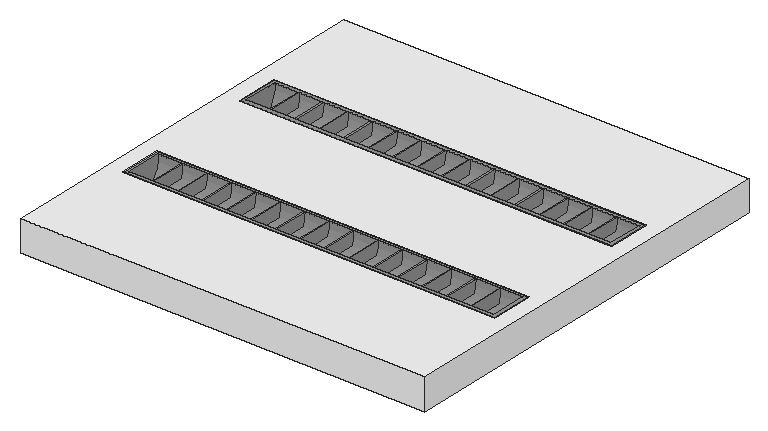
Revit family "0051228 Lighting Fixture_Sylvania_Rana LED 615x615-Analogue 1-10 dimmable-4000K_Surface Mounted", category Lighting Fixtures, host Face, Revit 2015
Parameters (values of type "RANA LED D W CM+P 3*LL 1-10 4K")
  Width = 615.0 mm
  Weight = 5.10 kg
  Wattage = 50 W
  built-in parameter 1150110 = 1 (stored number, unit not read)
  Voltage Comments = "UNV (Universal Voltage; 220-240 Volt)"  # constant formula
  Voltage = 230 V  # constant formula
  URL = "http://www.feilosylvania.com/"
  built-in parameter 1114217 = 1 (stored number, unit not read)
  Tilt Angle = -90.00°
  built-in parameter 1150109 = 1 (stored number, unit not read)
  built-in parameter 1150134 = 12
  built-in parameter 1150113 = 1 (stored number, unit not read)
  Reflector Material = Steel_Sylvania_RanaLED_Silver
  Product Page URL = "http://www.feilosylvania.com/product/en-int/products/0051228"
  Product Family = "Rana LED 615x615-Analogue 1-10 dimmable-4000K Lamp"  # constant formula
  Photometry Comments = ""
  Photometric Web File = "0051228_RANALEDDWCM+P3LL1-104K-186635.ies"
  Louver Length = Length - 50.0 mm  # 565.0 mm
  Life = "50 000h"  # constant formula
  Length = Width  # 615.0 mm
  IP Rating = "20"  # constant formula
  IK Rating = "07"  # constant formula
  Height = 47.0 mm
  Energy Class = "A++, A+, A"  # constant formula
  built-in parameter 1114216 [instance] = 1 (stored number, unit not read)
  Model = "RANA LED D W CM+P 3*LL 1-10 4K"
  Manufacturer = "Feilo Sylvania"  # constant formula
  built-in parameter 1150105 = 2704.1 (stored number, unit not read)
  Lumens = 4700 lm
  built-in parameter 1150115 = 1 (stored number, unit not read)
  built-in parameter 1150137 = (empty or 0)
  built-in parameter 1150139 = (empty or 0)
  built-in parameter 1150112 = 1 (stored number, unit not read)
  built-in parameter 1150114 = 1 (stored number, unit not read)
  Lamp = "Integrated LED"  # constant formula
  built-in parameter 1150132 = 2
  built-in parameter 1150102 = (empty or 0)
  built-in parameter 1150107 = 4000 (stored number, unit not read)
  built-in parameter 1150138 = (empty or 0)
  built-in parameter 1150106 = 27.041 (stored number, unit not read)
  Emit from Rectangle Width = 287.0 mm  # constant formula
  Emit from Rectangle Length = Louver Length  # 565.0 mm
  Emit Shape Visible in Rendering = no
  built-in parameter 1150104 = 8.7329 (stored number, unit not read)
  Dimming Lamp Color Temperature Shift = <None>
  Description = "Provides perfect uniform light distribution greatly enhancing the lit space. Low profile for ease of installation in restricted ceiling voids. Two stage optic for optimum comfort and efficiency. UGR19 office compliant. Enclosed design reduces dust ingress and improves Lumen Maintenance Factor (LMF). 32W - 69W LED surface luminaire. Rana LED is perfect for office lighting applications, schools, airports and general lighting applications. Available with a satin optic and micro prism diffuser. Available in surface (615 X 615, 1183 X 1187). Rana LED delivers high efficiency up to 6,050lm (luminaire lumen output on 4,000K version), equating to 101lm/W (total system efficiency). Available in warm white (3,000K) and neutral white (4,000K). Integrated LED solution that has the same aesthetics as a T5 or T8 diffuse luminaire. Energy efficient electronic gear including DALI and 3 hour emergency versions as standard. Long lifetime: 50,000 hours life at 70% of the original output L70. Less maintenance is required due to the long lifetime of 50,000hrs. Energy Class: A++, A+, A. LED technology provides an energy efficient solution with reduced maintenance costs. Comes complete with safety cable"  # constant formula
  Default Elevation = 0.0 mm
  Color Filter = 16777215
  Catalog Number = "0051228 RANA LED D W CM+P 3*LL 1-10 4K"
  built-in parameter 1140040 [instance] = 1
  built-in parameter 1114218 = 1 (stored number, unit not read)
  built-in parameter 1150133 = 10 (stored number, unit not read)
  Assembly Code = "D5020200"
  Apparent Load Comments = ""
  Apparent Load = 48 VA
  Accessory Material = Aluminum_Sylvania_RanaLED_White
Types (4, lengths in mm): name | Wattage | built-in parameter 1150134 | Product Page URL | Photometric Web File | Model | built-in parameter 1150105 | Lumens | built-in parameter 1150107 | built-in parameter 1150106 | Catalog Number | Apparent Load
  RANA LED D W CM+P 2*LL 3K | 31.5957 W | (empty or 0) | "http://www.feilosylvania.com/product/en-int/products/0051223" | "0051223_RANALEDDWCM+P2LL3K-186491.ies" | "RANA LED D W CM+P 2*LL 3K" | 1712 (stored number, unit not read) | 2970 lm | 3000 (stored number, unit not read) | 17.12 (stored number, unit not read) | "0051223 RANA LED D W CM+P 2*LL 3K" | 32 VA
  RANA LED D W CM+P 3*LL 3K | 47.5532 W | (empty or 0) | "http://www.feilosylvania.com/product/en-int/products/0051231" | "0051231_RANALEDDWCM+P3LL3K-186501.ies" | "RANA LED D W CM+P 3*LL 3K" | 355.71 (stored number, unit not read) | 4470 lm | 3000 (stored number, unit not read) | 3.5571 (stored number, unit not read) | "0051231 RANA LED D W CM+P 3*LL 3K" | 48 VA
  RANA LED D W CM+P 3*LL 4K | 50 W | 12 | "http://www.feilosylvania.com/product/en-int/products/0051226" | "0051226_RANALEDDWCM+P3LL4K-186543.ies" | "RANA LED D W CM+P 3*LL 4K" | 2704.1 (stored number, unit not read) | 4700 lm | 4000 (stored number, unit not read) | 27.041 (stored number, unit not read) | "0051226 RANA LED D W CM+P 3*LL 4K" | 48 VA
  RANA LED D W CM+P 3*LL 1-10 4K | 50 W | 12 | "http://www.feilosylvania.com/product/en-int/products/0051228" | "0051228_RANALEDDWCM+P3LL1-104K-186635.ies" | "RANA LED D W CM+P 3*LL 1-10 4K" | 2704.1 (stored number, unit not read) | 4700 lm | 4000 (stored number, unit not read) | 27.041 (stored number, unit not read) | "0051228 RANA LED D W CM+P 3*LL 1-10 4K" | 48 VA
Reference planes
  plane 1 "Center (Front/Back)": y = 0
  plane 2 "Fixture Top": z = 0
  plane 3 "Center (Left/Right)": x = 0
  plane 4 "Fixture Left": x = -307.5
  plane 5 "Fixture Right": x = 307.5
  plane 6 "Fixture Back": y = 307.5
  plane 7 "Fixture Front": y = -307.5
  plane 8: x = -305.5
  plane 9: x = 305.5
  plane 10: y = 305.5
  plane 11: y = -305.5
  plane 12: y = 143.5
  plane 13: x = -282.5
  plane 14: x = 282.5
  plane 15: y = 78.5
  plane 16: y = -143.5
  plane 17: y = -78.5
  plane 18 "Fixture Bottom": z = 47
  plane 19: z = 45
  plane 20: z = 2
Forms (mm)
  Extrusion 1, solid, material "Aluminum_Sylvania_RanaLED_White" <- "Accessory Material", detail levels fine
    sketch origin (0, 0, 60) x (-1, 0, 0) y (0, -1, 0)
      loop
        line (307.5, -307.5) -> (307.5, 307.5) -> (-307.5, 307.5) -> (-307.5, -307.5) -> (307.5, -307.5)
      loop
        line (282.5, -78.5) -> (-282.5, -78.5) -> (-282.5, -143.5) -> (282.5, -143.5) -> (282.5, -78.5)
      loop
        line (-282.5, 78.5) -> (282.5, 78.5) -> (282.5, 143.5) -> (-282.5, 143.5) -> (-282.5, 78.5)
    from -15 to -13
  Extrusion 2, solid, material "Aluminum_Sylvania_RanaLED_White" <- "Accessory Material", detail levels fine
    sketch origin (0, 0, 60) x (-1, 0, 0) y (0, -1, 0)
      loop
        line (-307.5, -307.5) -> (307.5, -307.5) -> (307.5, 307.5) -> (-307.5, 307.5) -> (-307.5, -307.5)
      loop
        line (-305.5, -305.5) -> (305.5, -305.5) -> (305.5, 305.5) -> (-305.5, 305.5) -> (-305.5, -305.5)
    from -58 to -15
  Extrusion 3, solid, material "Aluminum_Sylvania_RanaLED_White" <- "Accessory Material", detail levels fine
    sketch origin (0, 0, 60) x (-1, 0, 0) y (0, -1, 0)
      loop
        line (-307.5, -307.5) -> (307.5, -307.5) -> (307.5, 307.5) -> (-307.5, 307.5) -> (-307.5, -307.5)
    from -60 to -58
  Extrusion 4, solid, material "Aluminum_Sylvania_RanaLED_White" <- "Accessory Material", detail levels coarse+medium
    sketch origin (0, 0, 60) x (-1, 0, 0) y (0, -1, 0)
      loop
        line (307.5, -307.5) -> (307.5, 307.5) -> (-307.5, 307.5) -> (-307.5, -307.5) -> (307.5, -307.5)
    from -60 to -13
Cuts and joins
  joined: Extrusion 1, Extrusion 2, Extrusion 3
Dimensions and locks
  equal spacing: plane 6 "Fixture Back", plane 1 "Center (Front/Back)", plane 7 "Fixture Front"
  "Width": plane 6 "Fixture Back" to plane 7 "Fixture Front"
  equal spacing: plane 4 "Fixture Left", plane 3 "Center (Left/Right)", plane 5 "Fixture Right"
  "Length": plane 4 "Fixture Left" to plane 5 "Fixture Right"
  locked: plane 4 "Fixture Left" to plane 8 at 2
  locked: plane 9 to plane 5 "Fixture Right" at 2
  locked: plane 6 "Fixture Back" to plane 10 at 2
  locked: plane 7 "Fixture Front" to plane 11 at 2
  locked: plane 4 "Fixture Left" to plane 13 at 25
  locked: plane 14 to plane 5 "Fixture Right" at 25
  locked: plane 12 to plane 1 "Center (Front/Back)" at 143.5
  locked: plane 16 to plane 1 "Center (Front/Back)" at 143.5
  locked: plane 1 "Center (Front/Back)" to plane 15 at 78.5
  locked: plane 17 to plane 1 "Center (Front/Back)" at 78.5
  "Height": plane 18 "Fixture Bottom" to plane 2 "Fixture Top"
  locked: plane 18 "Fixture Bottom" to plane 19 at 2
  locked: plane 20 to plane 2 "Fixture Top" at 2
  aligned and locked: plane 2 "Fixture Top" to host face
  aligned and locked: level to host face
  aligned and locked: Extrusion 1 sketch curve to plane 6 "Fixture Back"
  aligned and locked: plane 4 "Fixture Left" to Extrusion 1 sketch curve
  aligned and locked: Extrusion 1 sketch curve to plane 7 "Fixture Front"
  aligned and locked: plane 5 "Fixture Right" to Extrusion 1 sketch curve
  aligned and locked: Extrusion 1 sketch curve to plane 15
  aligned and locked: Extrusion 1 sketch curve to plane 13  (x2)
  aligned and locked: plane 12 to Extrusion 1 sketch curve
  aligned and locked: Extrusion 1 sketch curve to plane 14  (x2)
  aligned and locked: Extrusion 1 sketch curve to plane 17
  aligned and locked: plane 16 to Extrusion 1 sketch curve
  aligned and locked: Extrusion 1 to plane 19
  aligned and locked: plane 18 "Fixture Bottom" to Extrusion 1
  aligned and locked: Extrusion 2 sketch curve to Extrusion 1  (x4)
  aligned and locked: plane 10 to Extrusion 2 sketch curve
  aligned and locked: Extrusion 2 sketch curve to plane 9
  aligned and locked: plane 11 to Extrusion 2 sketch curve
  aligned and locked: Extrusion 2 sketch curve to plane 8
  aligned and locked: Extrusion 2 to plane 20
  aligned and locked: plane 19 to Extrusion 2
  aligned and locked: Extrusion 3 sketch curve to Extrusion 1  (x4)
  aligned and locked: Extrusion 3 to plane 2 "Fixture Top"
  aligned and locked: plane 20 to Extrusion 3
  aligned and locked: plane 14 to nested 1
  aligned and locked: nested 1 to plane 12
  aligned and locked: plane 14 to nested 2
  aligned and locked: plane 17 to nested 2
  aligned and locked: nested 2 to plane 18 "Fixture Bottom"
  aligned and locked: nested 1 to plane 18 "Fixture Bottom"
  aligned and locked: plane 3 "Center (Left/Right)" to imposter light
  aligned and locked: imposter light to plane 1 "Center (Front/Back)"
  aligned and locked: plane 18 "Fixture Bottom" to imposter light
  aligned and locked: Extrusion 4 sketch curve to cut or joined group of Extrusion 1, Extrusion 2, Extrusion 3  (x4)
  aligned and locked: Extrusion 4 to plane 2 "Fixture Top"
  aligned and locked: plane 18 "Fixture Bottom" to Extrusion 4
Automatic sketch dimensions
  host sketch curve to host sketch curve = 1713.741 mm
  host sketch curve to host sketch curve = 1283.632 mm
Nested families
  nested 1: "Reflector Rana LED" at (0, 111, 7) x (0, 1, 0) z (0, 0, 1), type "Type", detail levels fine
    with Length 565.0 mm
  nested 2: "Reflector Rana LED" at (0, -111, 7) x (0, 1, 0) z (0, 0, 1), type "Type", detail levels fine
    with Length 565.0 mm
Connectors
  electrical at (0, 0, 0), driven by "Voltage", driven by "Apparent Load"
    settings: on cut or joined group of Extrusion 1, Extrusion 2, Extrusion 3, index 1, voltage 230 V, apparent load 0 VA, apparent load phase1 48 VA, apparent load phase2 0 VA, apparent load phase3 0 VA, power factor 1, load classification "Lighting", number of poles 1, system type 31, power factor state 1, is connector primary yes, connector utility no, sub classification motor no, connector description ""
Definition of nested family "Reflector Rana LED"
  Parameters
    Length = 558.0 mm
    Lamella Number = Length / 39.0 mm  # 14
    Height = 40.0 mm
    Width = 65.0 mm
    Default Elevation = 0.0 mm
    Reflector Material = none
  Reference planes
    plane 1 "Center (Front/Back)": y = 0
    plane 2: z = 0
    plane 3 "Center (Left/Right)": x = 0
    plane 4: x = 32.5
    plane 5: x = -32.5
    plane 6: z = 40
    plane 7: x = -27.5
    plane 8: x = 27.5
    plane 9: z = 3
    plane 10: x = -15
    plane 11: x = 15
    plane 12: y = 279
    plane 13: y = -279
    plane 14: y = 239
    plane 15: y = -239
    plane 16: y = 274
    plane 17: y = -274
    plane 18: z = 20
    plane 19: z = 38.5
  Forms (mm)
    Extrusion 1, solid, material <- "Reflector Material"
      sketch origin (0, 0, 0) x (1, 0, 0) y (0, 0, 1)
        loop
          line (-27.5, 40) -> (-32.5, 40) -> (-32.5, 0) -> (32.5, 0) -> (32.5, 40) -> (27.5, 40)
          arc (27.5, 40) -> (24.712, 20.33) -> (15, 3) r 54
          line (15, 3) -> (-15, 3)
          arc (-15, 3) -> (-24.712, 20.33) -> (-27.5, 40) r 54
      from -279 to 279
    Extrusion 2, solid, material <- "Reflector Material"
      sketch origin (0, 0, 0) x (1, 0, 0) y (0, 0, 1)
        loop
          line (32.5, 40) -> (-32.5, 40) -> (-32.5, 0) -> (32.5, 0) -> (32.5, 40)
      from 274 to 279
    Extrusion 3, solid, material <- "Reflector Material"
      sketch origin (0, 0, 0) x (1, 0, 0) y (0, 0, -1)
        loop
          line (32.5, -40) -> (32.5, 0) -> (-32.5, 0) -> (-32.5, -40) -> (32.5, -40)
      from 274 to 279
    Extrusion 4, solid, material <- "Reflector Material"
      sketch origin (0, -1, 0) x (1, 0, 0) y (0, 0, 1)
        loop
          line (-24.599, 20) -> (24.599, 20)
          arc (24.599, 20) -> (26.881, 29.121) -> (27.545, 38.5) r 54
          line (27.545, 38.5) -> (-27.545, 38.5)
          arc (-27.545, 38.5) -> (-26.881, 29.121) -> (-24.599, 20) r 54
      from -240 to -238
    Extrusion 5, solid, material <- "Reflector Material"
      sketch origin (0, -477, 0) x (1, 0, 0) y (0, 0, 1)
        loop
          line (-24.599, 20) -> (24.599, 20)
          arc (24.599, 20) -> (26.881, 29.121) -> (27.545, 38.5) r 54
          line (27.545, 38.5) -> (-27.545, 38.5)
          arc (-27.545, 38.5) -> (-26.881, 29.121) -> (-24.599, 20) r 54
      from -240 to -238
    Extrusion 6, solid, material <- "Reflector Material"
      sketch origin (0, -37.615, 0) x (1, 0, 0) y (0, 0, 1)
        loop
          line (-24.599, 20) -> (24.599, 20)
          arc (24.599, 20) -> (26.881, 29.121) -> (27.545, 38.5) r 54
          line (27.545, 38.5) -> (-27.545, 38.5)
          arc (-27.545, 38.5) -> (-26.881, 29.121) -> (-24.599, 20) r 54
      from -240 to -238
    Extrusion 7, solid, material <- "Reflector Material"
      sketch origin (0, -74.231, 0) x (1, 0, 0) y (0, 0, 1)
        loop
          line (-24.599, 20) -> (24.599, 20)
          arc (24.599, 20) -> (26.881, 29.121) -> (27.545, 38.5) r 54
          line (27.545, 38.5) -> (-27.545, 38.5)
          arc (-27.545, 38.5) -> (-26.881, 29.121) -> (-24.599, 20) r 54
      from -240 to -238
    Extrusion 8, solid, material <- "Reflector Material"
      sketch origin (0, -110.846, 0) x (1, 0, 0) y (0, 0, 1)
        loop
          line (-24.599, 20) -> (24.599, 20)
          arc (24.599, 20) -> (26.881, 29.121) -> (27.545, 38.5) r 54
          line (27.545, 38.5) -> (-27.545, 38.5)
          arc (-27.545, 38.5) -> (-26.881, 29.121) -> (-24.599, 20) r 54
      from -240 to -238
    Extrusion 9, solid, material <- "Reflector Material"
      sketch origin (0, -147.462, 0) x (1, 0, 0) y (0, 0, 1)
        loop
          line (-24.599, 20) -> (24.599, 20)
          arc (24.599, 20) -> (26.881, 29.121) -> (27.545, 38.5) r 54
          line (27.545, 38.5) -> (-27.545, 38.5)
          arc (-27.545, 38.5) -> (-26.881, 29.121) -> (-24.599, 20) r 54
      from -240 to -238
    Extrusion 10, solid, material <- "Reflector Material"
      sketch origin (0, -184.077, 0) x (1, 0, 0) y (0, 0, 1)
        loop
          line (-24.599, 20) -> (24.599, 20)
          arc (24.599, 20) -> (26.881, 29.121) -> (27.545, 38.5) r 54
          line (27.545, 38.5) -> (-27.545, 38.5)
          arc (-27.545, 38.5) -> (-26.881, 29.121) -> (-24.599, 20) r 54
      from -240 to -238
    Extrusion 11, solid, material <- "Reflector Material"
      sketch origin (0, -220.692, 0) x (1, 0, 0) y (0, 0, 1)
        loop
          line (-24.599, 20) -> (24.599, 20)
          arc (24.599, 20) -> (26.881, 29.121) -> (27.545, 38.5) r 54
          line (27.545, 38.5) -> (-27.545, 38.5)
          arc (-27.545, 38.5) -> (-26.881, 29.121) -> (-24.599, 20) r 54
      from -240 to -238
    Extrusion 12, solid, material <- "Reflector Material"
      sketch origin (0, -257.308, 0) x (1, 0, 0) y (0, 0, 1)
        loop
          line (-24.599, 20) -> (24.599, 20)
          arc (24.599, 20) -> (26.881, 29.121) -> (27.545, 38.5) r 54
          line (27.545, 38.5) -> (-27.545, 38.5)
          arc (-27.545, 38.5) -> (-26.881, 29.121) -> (-24.599, 20) r 54
      from -240 to -238
    Extrusion 13, solid, material <- "Reflector Material"
      sketch origin (0, -293.923, 0) x (1, 0, 0) y (0, 0, 1)
        loop
          line (-24.599, 20) -> (24.599, 20)
          arc (24.599, 20) -> (26.881, 29.121) -> (27.545, 38.5) r 54
          line (27.545, 38.5) -> (-27.545, 38.5)
          arc (-27.545, 38.5) -> (-26.881, 29.121) -> (-24.599, 20) r 54
      from -240 to -238
    Extrusion 14, solid, material <- "Reflector Material"
      sketch origin (0, -330.538, 0) x (1, 0, 0) y (0, 0, 1)
        loop
          line (-24.599, 20) -> (24.599, 20)
          arc (24.599, 20) -> (26.881, 29.121) -> (27.545, 38.5) r 54
          line (27.545, 38.5) -> (-27.545, 38.5)
          arc (-27.545, 38.5) -> (-26.881, 29.121) -> (-24.599, 20) r 54
      from -240 to -238
    Extrusion 15, solid, material <- "Reflector Material"
      sketch origin (0, -367.154, 0) x (1, 0, 0) y (0, 0, 1)
        loop
          line (-24.599, 20) -> (24.599, 20)
          arc (24.599, 20) -> (26.881, 29.121) -> (27.545, 38.5) r 54
          line (27.545, 38.5) -> (-27.545, 38.5)
          arc (-27.545, 38.5) -> (-26.881, 29.121) -> (-24.599, 20) r 54
      from -240 to -238
    Extrusion 16, solid, material <- "Reflector Material"
      sketch origin (0, -403.769, 0) x (1, 0, 0) y (0, 0, 1)
        loop
          line (-24.599, 20) -> (24.599, 20)
          arc (24.599, 20) -> (26.881, 29.121) -> (27.545, 38.5) r 54
          line (27.545, 38.5) -> (-27.545, 38.5)
          arc (-27.545, 38.5) -> (-26.881, 29.121) -> (-24.599, 20) r 54
      from -240 to -238
    Extrusion 17, solid, material <- "Reflector Material"
      sketch origin (0, -440.385, 0) x (1, 0, 0) y (0, 0, 1)
        loop
          line (-24.599, 20) -> (24.599, 20)
          arc (24.599, 20) -> (26.881, 29.121) -> (27.545, 38.5) r 54
          line (27.545, 38.5) -> (-27.545, 38.5)
          arc (-27.545, 38.5) -> (-26.881, 29.121) -> (-24.599, 20) r 54
      from -240 to -238
  Cuts and joins
    joined: Extrusion 1, Extrusion 2, Extrusion 3
  Dimensions and locks
    equal spacing: plane 4, plane 3 "Center (Left/Right)", plane 5
    "Width": plane 5 to plane 4
    "Height": plane 6 to level
    locked: plane 7 to plane 5 at 5
    locked: plane 8 to plane 4 at 5
    locked: plane 5 to plane 10 at 17.5
    locked: plane 4 to plane 11 at 17.5
    equal spacing: plane 13, plane 1 "Center (Front/Back)", plane 12
    "Length": plane 12 to plane 13
    locked: plane 12 to plane 14 at 40
    locked: plane 15 to plane 13 at 40
    locked: plane 17 to plane 13 at 5
    locked: plane 12 to plane 16 at 5
    equal spacing: group 1, group 3, group 4, group 5, group 6, group 7, group 8, group 9, group 10, group 11, group 12, group 13, group 14, group 2  (x2)
    equal spacing: group 2, group 14, group 13, group 12, group 11, group 10, group 9, group 8, group 7, group 6, group 5, group 4, group 3, group 1
    locked: plane 6 to plane 19 at 1.5
    locked: plane 6 to plane 18 at 20
    locked: plane 6 to plane 9 at 37
    aligned and locked: level to plane 2
    aligned and locked: plane 10 to Extrusion 1 sketch curve
    aligned and locked: plane 6 to Extrusion 1 sketch curve
    aligned and locked: plane 7 to Extrusion 1 sketch curve
    aligned and locked: plane 8 to Extrusion 1 sketch curve
    aligned and locked: plane 9 to Extrusion 1 sketch curve  (x2)
    aligned and locked: plane 11 to Extrusion 1 sketch curve
    aligned and locked: Extrusion 1 sketch curve to plane 5
    aligned and locked: plane 2 to Extrusion 1 sketch curve
    aligned and locked: Extrusion 1 sketch curve to plane 4
    aligned and locked: Extrusion 1 sketch curve to plane 6  (x2)
    aligned and locked: plane 12 to Extrusion 1
    aligned and locked: Extrusion 1 to plane 13
    aligned and locked: Extrusion 2 sketch curve to Extrusion 1  (x4)
    aligned and locked: Extrusion 2 to plane 13
    aligned and locked: Extrusion 2 to plane 17
    aligned and locked: plane 12 to Extrusion 3
    aligned and locked: Extrusion 3 to plane 16
    aligned and locked: Extrusion 4 to plane 14
    aligned and locked: Extrusion 5 to plane 15
    aligned and locked: plane 14 to Extrusion 4
    aligned and locked: Extrusion 4 to plane 18
    aligned and locked: plane 19 to Extrusion 4
    aligned and locked: plane 19 to Extrusion 5
    aligned and locked: Extrusion 5 to plane 18
  Automatic sketch dimensions
    Extrusion 1 sketch curve to plane 19 = 0.886 mm  (x2)
    plane 5 to Extrusion 3 sketch curve = 0.0 mm
    Extrusion 3 sketch curve to level = 0.0 mm
    Extrusion 3 sketch curve to plane 4 = 0.0 mm
    Extrusion 3 sketch curve to plane 6 = 0.0 mm
    Extrusion 4 sketch curve to Extrusion 4 sketch curve = 2.946 mm  (x2)
    Extrusion 4 sketch curve to Extrusion 4 sketch curve = 49.199 mm
    Extrusion 4 sketch curve to Extrusion 4 sketch curve = 1.098 mm  (x2)
    Extrusion 4 sketch curve to Extrusion 4 sketch curve = 18.5 mm
    Extrusion 5 sketch curve to Extrusion 5 sketch curve = 2.946 mm  (x2)
    Extrusion 5 sketch curve to Extrusion 5 sketch curve = 49.199 mm
    Extrusion 5 sketch curve to Extrusion 5 sketch curve = 1.098 mm  (x2)
    Extrusion 5 sketch curve to Extrusion 5 sketch curve = 18.5 mm
    Extrusion 6 sketch curve to Extrusion 6 sketch curve = 2.946 mm  (x2)
    Extrusion 6 sketch curve to Extrusion 6 sketch curve = 49.199 mm
    Extrusion 6 sketch curve to Extrusion 6 sketch curve = 1.098 mm  (x2)
    Extrusion 6 sketch curve to Extrusion 6 sketch curve = 18.5 mm
    Extrusion 7 sketch curve to Extrusion 7 sketch curve = 2.946 mm  (x2)
    Extrusion 7 sketch curve to Extrusion 7 sketch curve = 49.199 mm
    Extrusion 7 sketch curve to Extrusion 7 sketch curve = 1.098 mm  (x2)
    Extrusion 7 sketch curve to Extrusion 7 sketch curve = 18.5 mm
    Extrusion 8 sketch curve to Extrusion 8 sketch curve = 2.946 mm  (x2)
    Extrusion 8 sketch curve to Extrusion 8 sketch curve = 49.199 mm
    Extrusion 8 sketch curve to Extrusion 8 sketch curve = 1.098 mm  (x2)
    Extrusion 8 sketch curve to Extrusion 8 sketch curve = 18.5 mm
    Extrusion 9 sketch curve to Extrusion 9 sketch curve = 2.946 mm  (x2)
    Extrusion 9 sketch curve to Extrusion 9 sketch curve = 49.199 mm
    Extrusion 9 sketch curve to Extrusion 9 sketch curve = 1.098 mm  (x2)
    Extrusion 9 sketch curve to Extrusion 9 sketch curve = 18.5 mm
    Extrusion 10 sketch curve to Extrusion 10 sketch curve = 2.946 mm  (x2)
    Extrusion 10 sketch curve to Extrusion 10 sketch curve = 49.199 mm
    Extrusion 10 sketch curve to Extrusion 10 sketch curve = 1.098 mm  (x2)
    Extrusion 10 sketch curve to Extrusion 10 sketch curve = 18.5 mm
    Extrusion 11 sketch curve to Extrusion 11 sketch curve = 2.946 mm  (x2)
    Extrusion 11 sketch curve to Extrusion 11 sketch curve = 49.199 mm
    Extrusion 11 sketch curve to Extrusion 11 sketch curve = 1.098 mm  (x2)
    Extrusion 11 sketch curve to Extrusion 11 sketch curve = 18.5 mm
    Extrusion 12 sketch curve to Extrusion 12 sketch curve = 2.946 mm  (x2)
    Extrusion 12 sketch curve to Extrusion 12 sketch curve = 49.199 mm
    Extrusion 12 sketch curve to Extrusion 12 sketch curve = 1.098 mm  (x2)
    Extrusion 12 sketch curve to Extrusion 12 sketch curve = 18.5 mm
    Extrusion 13 sketch curve to Extrusion 13 sketch curve = 2.946 mm  (x2)
    Extrusion 13 sketch curve to Extrusion 13 sketch curve = 49.199 mm
    Extrusion 13 sketch curve to Extrusion 13 sketch curve = 1.098 mm  (x2)
    Extrusion 13 sketch curve to Extrusion 13 sketch curve = 18.5 mm
    Extrusion 14 sketch curve to Extrusion 14 sketch curve = 2.946 mm  (x2)
    Extrusion 14 sketch curve to Extrusion 14 sketch curve = 49.199 mm
    Extrusion 14 sketch curve to Extrusion 14 sketch curve = 1.098 mm  (x2)
    Extrusion 14 sketch curve to Extrusion 14 sketch curve = 18.5 mm
    Extrusion 15 sketch curve to Extrusion 15 sketch curve = 2.946 mm  (x2)
    Extrusion 15 sketch curve to Extrusion 15 sketch curve = 49.199 mm
    Extrusion 15 sketch curve to Extrusion 15 sketch curve = 1.098 mm  (x2)
    Extrusion 15 sketch curve to Extrusion 15 sketch curve = 18.5 mm
    Extrusion 16 sketch curve to Extrusion 16 sketch curve = 2.946 mm  (x2)
    Extrusion 16 sketch curve to Extrusion 16 sketch curve = 49.199 mm
    Extrusion 16 sketch curve to Extrusion 16 sketch curve = 1.098 mm  (x2)
    Extrusion 16 sketch curve to Extrusion 16 sketch curve = 18.5 mm
    Extrusion 17 sketch curve to Extrusion 17 sketch curve = 2.946 mm  (x2)
    Extrusion 17 sketch curve to Extrusion 17 sketch curve = 49.199 mm
    Extrusion 17 sketch curve to Extrusion 17 sketch curve = 1.098 mm  (x2)
    Extrusion 17 sketch curve to Extrusion 17 sketch curve = 18.5 mm
